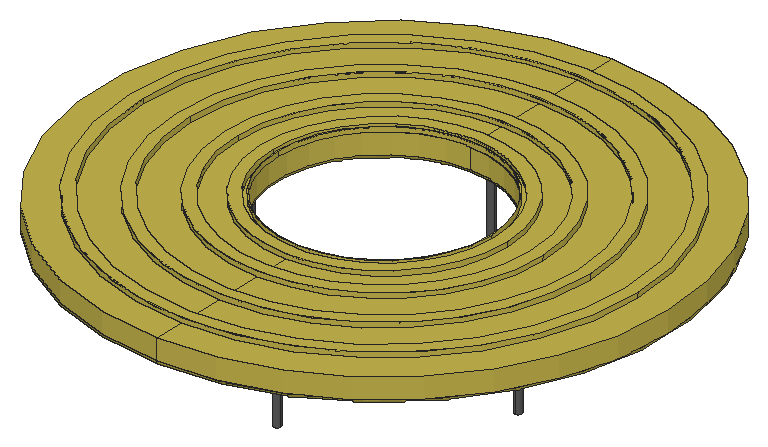
Revit family "Haworth_BuzziDonut", category Furniture, host Face, Revit 2018 (continued)
Definition of nested family "Haworth_BuzziDonut_Screen_Small_PART"
  Automatic sketch dimensions
    Extrusion 7 sketch curve to Extrusion 7 sketch curve = 0.16987"
    Extrusion 7 sketch curve to Extrusion 7 sketch curve = 1.11065"
    Extrusion 7 sketch curve to Extrusion 7 sketch curve = 0.12778"
    plane 10 "Cable Back" to Extrusion 7 sketch curve = 0.7639"
    Extrusion 7 sketch curve to Extrusion 7 sketch curve = 4.24723"
    Extrusion 7 sketch curve to Extrusion 7 sketch curve = 1.9714"
    Extrusion 7 sketch curve to Extrusion 7 sketch curve = 0.06407"
    Extrusion 7 sketch curve to plane 1 "Center (Front/Back)" = 2.91228"
    Extrusion 7 sketch curve to Extrusion 7 sketch curve = 1.04082"
    plane 8 "Inside Back" to Extrusion 7 sketch curve = 0.464"
    Extrusion 7 sketch curve to Extrusion 7 sketch curve = 0.49808"
    Extrusion 7 sketch curve to plane 8 "Inside Back" = 0.53887"
    Extrusion 7 sketch curve to Extrusion 7 sketch curve = 0.19104"
    plane 10 "Cable Back" to Extrusion 7 sketch curve = 1.4083"
    Extrusion 7 sketch curve to Extrusion 7 sketch curve = 0.95201"
    Extrusion 7 sketch curve to plane 9 "Inside Front" = 3.64609"
    Extrusion 7 sketch curve to Extrusion 7 sketch curve = 0.99005"
    plane 10 "Cable Back" to Extrusion 7 sketch curve = 0.25651"
    Extrusion 7 sketch curve to Extrusion 7 sketch curve = 0.14626"
    Extrusion 7 sketch curve to Extrusion 7 sketch curve = 0.90801"
    plane 8 "Inside Back" to Extrusion 7 sketch curve = 0.16562"
    Extrusion 7 sketch curve to Extrusion 7 sketch curve = 0.93819"
    Extrusion 7 sketch curve to plane 9 "Inside Front" = 3.58943"
    Extrusion 7 sketch curve to Extrusion 7 sketch curve = 0.60326"
    Extrusion 7 sketch curve to plane 8 "Inside Back" = 2.41146"
    Extrusion 7 sketch curve to Extrusion 7 sketch curve = 0.34454"
    plane 10 "Cable Back" to Extrusion 7 sketch curve = 1.06518"
    Extrusion 7 sketch curve to Extrusion 7 sketch curve = 0.74269"
    plane 9 "Inside Front" to Extrusion 7 sketch curve = 2.67775"
    Extrusion 7 sketch curve to Extrusion 7 sketch curve = 2.22804"
    Extrusion 7 sketch curve to plane 4 "Front" = 2.59258"
    Extrusion 7 sketch curve to Extrusion 7 sketch curve = 0.27141"
    Extrusion 7 sketch curve to Extrusion 7 sketch curve = 0.2811"
    plane 10 "Cable Back" to Extrusion 7 sketch curve = 0.16729"
    Extrusion 7 sketch curve to Extrusion 7 sketch curve = 0.40322"
    Extrusion 7 sketch curve to plane 8 "Inside Back" = 1.71255"
    Extrusion 7 sketch curve to Extrusion 7 sketch curve = 0.74996"
    plane 9 "Inside Front" to Extrusion 7 sketch curve = 2.43626"
    Extrusion 7 sketch curve to Extrusion 7 sketch curve = 0.95751"
    Extrusion 7 sketch curve to plane 4 "Front" = 2.09174"
    Extrusion 7 sketch curve to Extrusion 7 sketch curve = 1.0819"
    Extrusion 7 sketch curve to plane 5 "Back" = 2.04874"
    plane 10 "Cable Back" to Extrusion 7 sketch curve = 1.91265"
    Extrusion 7 sketch curve to Extrusion 7 sketch curve = 0.31494"
    Extrusion 7 sketch curve to plane 5 "Back" = 1.71507"
    Extrusion 7 sketch curve to Extrusion 7 sketch curve = 0.93023"
    plane 10 "Cable Back" to Extrusion 7 sketch curve = 1.15162"
    Extrusion 7 sketch curve to Extrusion 7 sketch curve = 0.71307"
    Extrusion 7 sketch curve to Extrusion 7 sketch curve = 0.38382"
    plane 9 "Inside Front" to Extrusion 7 sketch curve = 1.03846"
    Extrusion 7 sketch curve to Extrusion 7 sketch curve = 2.34744"
    Extrusion 7 sketch curve to plane 8 "Inside Back" = 0.58396"
    Extrusion 7 sketch curve to Extrusion 7 sketch curve = 2.70638"
    Extrusion 7 sketch curve to plane 9 "Inside Front" = 0.5245"
    Extrusion 7 sketch curve to Extrusion 7 sketch curve = 0.70103"
    plane 9 "Inside Front" to Extrusion 7 sketch curve = 0.52946"
    Extrusion 7 sketch curve to Extrusion 7 sketch curve = 0.85481"
    Extrusion 7 sketch curve to plane 8 "Inside Back" = 0.30383"
    Extrusion 7 sketch curve to Extrusion 7 sketch curve = 1.36997"
    Extrusion 7 sketch curve to plane 4 "Front" = 1.06341"
    Extrusion 7 sketch curve to plane 9 "Inside Front" = 0.16214"
    Extrusion 7 sketch curve to Extrusion 7 sketch curve = 1.16146"
    plane 10 "Cable Back" to Extrusion 7 sketch curve = 0.54033"
    Extrusion 7 sketch curve to plane 3 "Center (Left/Right)" = 1.40753"
    Extrusion 7 sketch curve to Extrusion 7 sketch curve = 0.38731"
    Extrusion 7 sketch curve to plane 3 "Center (Left/Right)" = 0.98242"
    Extrusion 7 sketch curve to plane 3 "Center (Left/Right)" = 0.77803"
    Extrusion 7 sketch curve to plane 3 "Center (Left/Right)" = 0.64357"
    Extrusion 7 sketch curve to plane 3 "Center (Left/Right)" = 0.35121"
    Extrusion 7 sketch curve to plane 3 "Center (Left/Right)" = 0.15448"
    Extrusion 7 sketch curve to plane 3 "Center (Left/Right)" = 0.10567"
    Extrusion 7 sketch curve to plane 3 "Center (Left/Right)" = 0.04803"
    plane 3 "Center (Left/Right)" to Extrusion 7 sketch curve = 0.21459"
    Extrusion 7 sketch curve to plane 9 "Inside Front" = 0.10015"
    plane 3 "Center (Left/Right)" to Extrusion 7 sketch curve = 1.32788"
    plane 3 "Center (Left/Right)" to Extrusion 7 sketch curve = 2.22161"
    Extrusion 7 sketch curve to plane 4 "Front" = 1.15667"
    Extrusion 7 sketch curve to Extrusion 7 sketch curve = 0.14593"
    Extrusion 7 sketch curve to Extrusion 7 sketch curve = 0.27982"
    plane 3 "Center (Left/Right)" to Extrusion 7 sketch curve = 2.74049"
    Extrusion 7 sketch curve to plane 9 "Inside Front" = 0.51106"
    Extrusion 7 sketch curve to Extrusion 7 sketch curve = 0.95714"
    Extrusion 7 sketch curve to plane 4 "Front" = 1.34693"
    Extrusion 7 sketch curve to Extrusion 7 sketch curve = 0.15448"
    Extrusion 7 sketch curve to plane 10 "Cable Back" = 0.19467"
    plane 3 "Center (Left/Right)" to Extrusion 7 sketch curve = 3.92782"
    plane 10 "Cable Back" to Extrusion 7 sketch curve = 0.78999"
    Extrusion 7 sketch curve to Extrusion 7 sketch curve = 0.05922"
    Extrusion 7 sketch curve to plane 8 "Inside Back" = 1.44762"
    Extrusion 7 sketch curve to Extrusion 7 sketch curve = 0.88838"
    plane 10 "Cable Back" to Extrusion 7 sketch curve = 0.26245"
    Extrusion 7 sketch curve to Extrusion 7 sketch curve = 0.86714"
    plane 9 "Inside Front" to Extrusion 7 sketch curve = 2.44554"
    Extrusion 7 sketch curve to Extrusion 7 sketch curve = 2.41791"
    Extrusion 7 sketch curve to Extrusion 7 sketch curve = 0.30593"
    plane 9 "Inside Front" to Extrusion 7 sketch curve = 1.47927"
    Extrusion 7 sketch curve to Extrusion 7 sketch curve = 0.39853"
    plane 8 "Inside Back" to Extrusion 7 sketch curve = 0.30711"
    Extrusion 7 sketch curve to Extrusion 7 sketch curve = 0.79613"
    Extrusion 7 sketch curve to plane 8 "Inside Back" = 2.04154"
    Extrusion 7 sketch curve to Extrusion 7 sketch curve = 0.81136"
    Extrusion 7 sketch curve to plane 5 "Back" = 2.15606"
    Extrusion 7 sketch curve to Extrusion 7 sketch curve = 0.85388"
    plane 9 "Inside Front" to Extrusion 7 sketch curve = 2.68118"
    Extrusion 7 sketch curve to Extrusion 7 sketch curve = 0.66156"
    plane 9 "Inside Front" to Extrusion 7 sketch curve = 0.68912"
    Extrusion 7 sketch curve to Extrusion 7 sketch curve = 0.67805"
    Extrusion 7 sketch curve to plane 4 "Front" = 2.33724"
    plane 9 "Inside Front" to Extrusion 7 sketch curve = 1.62115"
    Extrusion 7 sketch curve to Extrusion 7 sketch curve = 0.32811"
    Extrusion 7 sketch curve to plane 8 "Inside Back" = 0.22471"
    Extrusion 7 sketch curve to Extrusion 7 sketch curve = 0.83953"
    plane 8 "Inside Back" to Extrusion 7 sketch curve = 0.82516"
    Extrusion 7 sketch curve to Extrusion 7 sketch curve = 0.86765"
    plane 10 "Cable Back" to Extrusion 7 sketch curve = 2.04281"
    Extrusion 7 sketch curve to Extrusion 7 sketch curve = 0.95493"
    Extrusion 7 sketch curve to plane 9 "Inside Front" = 3.42994"
    Extrusion 7 sketch curve to Extrusion 7 sketch curve = 1.00245"
    Extrusion 7 sketch curve to plane 4 "Front" = 2.79611"
    Extrusion 7 sketch curve to Extrusion 7 sketch curve = 0.9058"
    Extrusion 7 sketch curve to plane 9 "Inside Front" = 4.24021"
    plane 9 "Inside Front" to Extrusion 7 sketch curve = 0.09059"
    Extrusion 7 sketch curve to Extrusion 7 sketch curve = 2.34242"
    plane 9 "Inside Front" to Extrusion 7 sketch curve = 1.01794"
    Extrusion 7 sketch curve to Extrusion 7 sketch curve = 0.34646"
    Extrusion 7 sketch curve to plane 1 "Center (Front/Back)" = 1.57158"
    Extrusion 7 sketch curve to Extrusion 7 sketch curve = 3.08787"
    Extrusion 7 sketch curve to plane 9 "Inside Front" = 3.43423"
    Extrusion 7 sketch curve to Extrusion 7 sketch curve = 0.43446"
    Extrusion 7 sketch curve to plane 1 "Center (Front/Back)" = 0.59395"
    Extrusion 7 sketch curve to plane 9 "Inside Front" = 0.08184"
    Extrusion 7 sketch curve to Extrusion 7 sketch curve = 0.98425"  (x2)
    plane 9 "Inside Front" to Extrusion 7 sketch curve = 2.15503"
    plane 9 "Inside Front" to Extrusion 7 sketch curve = 0.83888"
    Extrusion 7 sketch curve to Extrusion 7 sketch curve = 0.58886"
    plane 9 "Inside Front" to Extrusion 7 sketch curve = 1.47363"
    Extrusion 7 sketch curve to Extrusion 7 sketch curve = 0.6515"
    plane 9 "Inside Front" to Extrusion 7 sketch curve = 0.67386"
    Extrusion 7 sketch curve to plane 1 "Center (Front/Back)" = 0.81398"
    Extrusion 7 sketch curve to Extrusion 7 sketch curve = 2.67107"
    Extrusion 7 sketch curve to plane 1 "Center (Front/Back)" = 1.80963"
    Extrusion 7 sketch curve to Extrusion 7 sketch curve = 0.09799"
    Extrusion 7 sketch curve to plane 8 "Inside Back" = 1.36213"
    Extrusion 7 sketch curve to plane 6 "Left" = 3.84358"
    Extrusion 7 sketch curve to plane 9 "Inside Front" = 0.41762"
    Extrusion 7 sketch curve to Extrusion 7 sketch curve = 0.83594"
    Extrusion 7 sketch curve to Extrusion 7 sketch curve = 0.22661"
    Extrusion 7 sketch curve to plane 1 "Center (Front/Back)" = 1.20746"
    Extrusion 7 sketch curve to Extrusion 7 sketch curve = 0.90247"
    Extrusion 7 sketch curve to Extrusion 7 sketch curve = 1.15257"
    Extrusion 7 sketch curve to Extrusion 7 sketch curve = 0.63068"
    Extrusion 7 sketch curve to Extrusion 7 sketch curve = 0.98938"
    Extrusion 7 sketch curve to plane 6 "Left" = 1.74601"
    Extrusion 7 sketch curve to Extrusion 7 sketch curve = 0.17396"
    Extrusion 7 sketch curve to plane 6 "Left" = 1.352"
    Extrusion 7 sketch curve to Extrusion 7 sketch curve = 0.26878"
    Extrusion 7 sketch curve to Extrusion 7 sketch curve = 0.20314"
    Extrusion 7 sketch curve to Extrusion 7 sketch curve = 0.75317"
    Extrusion 7 sketch curve to Extrusion 7 sketch curve = 1.07929"
    Extrusion 7 sketch curve to Extrusion 7 sketch curve = 0.79732"
    Extrusion 7 sketch curve to Extrusion 7 sketch curve = 0.44738"
    Extrusion 7 sketch curve to Extrusion 7 sketch curve = 0.73396"
    Extrusion 7 sketch curve to Extrusion 7 sketch curve = 0.542"
    Extrusion 7 sketch curve to Extrusion 7 sketch curve = 0.7389"
    Extrusion 7 sketch curve to Extrusion 7 sketch curve = 0.89289"
    Extrusion 7 sketch curve to Extrusion 7 sketch curve = 0.05541"
    Extrusion 7 sketch curve to Extrusion 7 sketch curve = 0.22628"
    Extrusion 7 sketch curve to Extrusion 7 sketch curve = 1.01145"
    Extrusion 7 sketch curve to Extrusion 7 sketch curve = 0.16928"
    Extrusion 7 sketch curve to Extrusion 7 sketch curve = 0.96206"
    Extrusion 7 sketch curve to Extrusion 7 sketch curve = 0.82376"
    Extrusion 7 sketch curve to Extrusion 7 sketch curve = 0.14981"
    Extrusion 7 sketch curve to Extrusion 7 sketch curve = 0.85085"
    Extrusion 7 sketch curve to Extrusion 7 sketch curve = 1.08513"
    Extrusion 7 sketch curve to Extrusion 7 sketch curve = 0.75929"
    Extrusion 7 sketch curve to Extrusion 7 sketch curve = 0.20633"
    Extrusion 7 sketch curve to Extrusion 7 sketch curve = 0.30772"
    Extrusion 7 sketch curve to Extrusion 7 sketch curve = 0.78432"
    Extrusion 7 sketch curve to Extrusion 7 sketch curve = 1.07699"
    Extrusion 7 sketch curve to Extrusion 7 sketch curve = 0.87739"
    Extrusion 7 sketch curve to Extrusion 7 sketch curve = 1.15255"
    plane 10 "Cable Back" to Extrusion 7 sketch curve = 0.35024"
    Extrusion 7 sketch curve to Extrusion 7 sketch curve = 0.95359"
    Extrusion 7 sketch curve to Extrusion 7 sketch curve = 0.16223"
    Extrusion 7 sketch curve to Extrusion 7 sketch curve = 0.82703"
    Extrusion 8 sketch curve to Extrusion 8 sketch curve = 0.000"  (x50)
    Extrusion 8 sketch curve to plane 7 "Right" = 1.29755"
    Extrusion 8 sketch curve to Extrusion 8 sketch curve = 0.15933"
    Extrusion 8 sketch curve to plane 8 "Inside Back" = 0.25028"
    Extrusion 8 sketch curve to Extrusion 8 sketch curve = 1.09949"
    Extrusion 8 sketch curve to plane 8 "Inside Back" = 0.00735"
    Extrusion 8 sketch curve to Extrusion 8 sketch curve = 0.16235"
    Extrusion 8 sketch curve to plane 10 "Cable Back" = 0.84384"
    Extrusion 8 sketch curve to Extrusion 8 sketch curve = 1.08547"
    Extrusion 8 sketch curve to Extrusion 8 sketch curve = 0.16851"
    plane 10 "Cable Back" to Extrusion 8 sketch curve = 0.49131"
    Extrusion 8 sketch curve to Extrusion 8 sketch curve = 1.12703"
    Extrusion 8 sketch curve to Extrusion 8 sketch curve = 0.18742"
    Extrusion 8 sketch curve to Extrusion 8 sketch curve = 1.01862"
    Extrusion 8 sketch curve to Extrusion 8 sketch curve = 0.24211"  (x2)
    plane 1 "Center (Front/Back)" to Extrusion 8 sketch curve = 3.36685"
    Extrusion 8 sketch curve to Extrusion 8 sketch curve = 6.24723"
    Extrusion 8 sketch curve to plane 1 "Center (Front/Back)" = 3.34495"
    Extrusion 8 sketch curve to Extrusion 8 sketch curve = 0.26234"  (x32)
    Extrusion 8 sketch curve to Extrusion 8 sketch curve = 0.9969"  (x25)
    Extrusion 8 sketch curve to Extrusion 8 sketch curve = 1.01714"
    Extrusion 8 sketch curve to plane 4 "Front" = 0.32055"
    Extrusion 8 sketch curve to plane 8 "Inside Back" = 0.61154"
    Extrusion 8 sketch curve to plane 4 "Front" = 0.11524"
    Extrusion 8 sketch curve to plane 5 "Back" = 0.12769"
    Extrusion 8 sketch curve to plane 4 "Front" = 0.08555"
    Extrusion 8 sketch curve to plane 8 "Inside Back" = 0.07232"
    Extrusion 8 sketch curve to Extrusion 8 sketch curve = 0.73456"
    Extrusion 8 sketch curve to plane 9 "Inside Front" = 0.00899"
    Extrusion 8 sketch curve to plane 3 "Center (Left/Right)" = 0.64975"
    Extrusion 8 sketch curve to plane 8 "Inside Back" = 0.04913"
    Extrusion 8 sketch curve to plane 9 "Inside Front" = 0.00497"
    plane 1 "Center (Front/Back)" to Extrusion 8 sketch curve = 0.00868"
    Extrusion 8 sketch curve to plane 3 "Center (Left/Right)" = 0.03883"
    Extrusion 8 sketch curve to Extrusion 8 sketch curve = 0.0153"
    Extrusion 8 sketch curve to Extrusion 8 sketch curve = 0.00379"  (x2)
    plane 1 "Center (Front/Back)" to Extrusion 8 sketch curve = 0.00269"
    Extrusion 8 sketch curve to Extrusion 8 sketch curve = 0.00163"
    Extrusion 8 sketch curve to Extrusion 8 sketch curve = 0.00228"
    Extrusion 8 sketch curve to Extrusion 8 sketch curve = 0.00091"
    Extrusion 8 sketch curve to Extrusion 8 sketch curve = 0.00175"
    Extrusion 8 sketch curve to Extrusion 8 sketch curve = 0.00098"
    Extrusion 8 sketch curve to Extrusion 8 sketch curve = 0.00093"
    Extrusion 8 sketch curve to Extrusion 8 sketch curve = 0.00079"
    Extrusion 8 sketch curve to Extrusion 8 sketch curve = 0.00057"  (x2)
    Extrusion 8 sketch curve to Extrusion 8 sketch curve = 0.00051"
    Extrusion 8 sketch curve to Extrusion 8 sketch curve = 0.00071"
    Extrusion 8 sketch curve to Extrusion 8 sketch curve = 0.00064"
    Extrusion 8 sketch curve to Extrusion 8 sketch curve = 0.00065"
    Extrusion 8 sketch curve to Extrusion 8 sketch curve = 0.00048"  (x2)
    Extrusion 8 sketch curve to Extrusion 8 sketch curve = 0.00006"  (x2)
    Extrusion 8 sketch curve to Extrusion 8 sketch curve = 0.00037"
    Extrusion 8 sketch curve to Extrusion 8 sketch curve = 0.00041"  (x2)
    Extrusion 8 sketch curve to Extrusion 8 sketch curve = 0.00036"
    Extrusion 8 sketch curve to Extrusion 8 sketch curve = 0.00034"  (x2)
    Extrusion 8 sketch curve to Extrusion 8 sketch curve = 0.00176"
    Extrusion 8 sketch curve to Extrusion 8 sketch curve = 0.00027"  (x2)
    Extrusion 8 sketch curve to Extrusion 8 sketch curve = 0.00023"
    Extrusion 8 sketch curve to Extrusion 8 sketch curve = 0.00014"
    Extrusion 8 sketch curve to Extrusion 8 sketch curve = 0.00003"  (x3)
    Extrusion 8 sketch curve to Extrusion 8 sketch curve = 0.00002"
    Extrusion 8 sketch curve to Extrusion 8 sketch curve = 0.00001"  (x4)
    Extrusion 8 sketch curve to Extrusion 8 sketch curve = 0.00021"  (x2)
    Extrusion 8 sketch curve to Extrusion 8 sketch curve = 0.00004"  (x3)
    Extrusion 8 sketch curve to Extrusion 8 sketch curve = 0.00005"  (x3)
    Extrusion 8 sketch curve to Extrusion 8 sketch curve = 0.00016"  (x2)
    Extrusion 8 sketch curve to Extrusion 8 sketch curve = 0.00011"
    Extrusion 8 sketch curve to Extrusion 8 sketch curve = 0.00018"
    Extrusion 8 sketch curve to plane 3 "Center (Left/Right)" = 0.00296"
    Extrusion 8 sketch curve to plane 3 "Center (Left/Right)" = 0.00212"
    plane 3 "Center (Left/Right)" to Extrusion 8 sketch curve = 0.01571"
    plane 3 "Center (Left/Right)" to Extrusion 8 sketch curve = 0.01647"
    Extrusion 8 sketch curve to Extrusion 8 sketch curve = 0.0129"
    plane 3 "Center (Left/Right)" to Extrusion 8 sketch curve = 0.47709"
    Extrusion 8 sketch curve to plane 5 "Back" = 0.02516"
    plane 3 "Center (Left/Right)" to Extrusion 8 sketch curve = 0.60949"  (x2)
    Extrusion 8 sketch curve to plane 4 "Front" = 0.01211"
    Extrusion 8 sketch curve to plane 4 "Front" = 0.0246"
    Extrusion 8 sketch curve to plane 5 "Back" = 0.03771"
    Extrusion 8 sketch curve to plane 9 "Inside Front" = 0.20664"
    Extrusion 8 sketch curve to plane 5 "Back" = 0.12554"
    Extrusion 8 sketch curve to plane 4 "Front" = 0.14599"
    Extrusion 8 sketch curve to plane 5 "Back" = 0.15932"
    Extrusion 8 sketch curve to plane 4 "Front" = 0.3155"
    Extrusion 8 sketch curve to plane 8 "Inside Back" = 0.59782"
    Extrusion 8 sketch curve to plane 5 "Back" = 0.63962"
    plane 10 "Cable Back" to Extrusion 8 sketch curve = 0.43856"
    plane 10 "Cable Back" to Extrusion 8 sketch curve = 0.19017"
    Extrusion 8 sketch curve to plane 8 "Inside Back" = 0.30347"
    Extrusion 8 sketch curve to plane 6 "Left" = 1.28881"
    Extrusion 8 sketch curve to Extrusion 8 sketch curve = 0.00753"
    Extrusion 8 sketch curve to Extrusion 8 sketch curve = 0.00852"
    Extrusion 8 sketch curve to Extrusion 8 sketch curve = 0.03374"
    Extrusion 8 sketch curve to Extrusion 8 sketch curve = 0.05145"
    Extrusion 8 sketch curve to Extrusion 8 sketch curve = 0.05566"
    Extrusion 8 sketch curve to Extrusion 8 sketch curve = 0.23839"
    Extrusion 8 sketch curve to Extrusion 8 sketch curve = 0.25485"
    Extrusion 8 sketch curve to Extrusion 8 sketch curve = 0.07429"
    Extrusion 8 sketch curve to Extrusion 8 sketch curve = 0.07876"
    Extrusion 8 sketch curve to Extrusion 8 sketch curve = 0.32809"
    Extrusion 8 sketch curve to Extrusion 8 sketch curve = 0.34581"
    Extrusion 8 sketch curve to Extrusion 8 sketch curve = 0.0988"
    Extrusion 8 sketch curve to Extrusion 8 sketch curve = 0.10368"
    Extrusion 8 sketch curve to Extrusion 8 sketch curve = 0.4256"
    Extrusion 8 sketch curve to Extrusion 8 sketch curve = 0.44522"
    Extrusion 8 sketch curve to Extrusion 8 sketch curve = 0.1258"
    Extrusion 8 sketch curve to Extrusion 8 sketch curve = 0.1313"
    Extrusion 8 sketch curve to Extrusion 8 sketch curve = 0.54643"
    Extrusion 8 sketch curve to Extrusion 8 sketch curve = 0.55714"
    Extrusion 8 sketch curve to Extrusion 8 sketch curve = 0.1446"
    Extrusion 8 sketch curve to Extrusion 8 sketch curve = 0.16292"  (x2)
    Extrusion 8 sketch curve to Extrusion 8 sketch curve = 0.66042"
    Extrusion 8 sketch curve to Extrusion 8 sketch curve = 0.68791"
    Extrusion 8 sketch curve to Extrusion 8 sketch curve = 0.1775"
    Extrusion 8 sketch curve to Extrusion 8 sketch curve = 0.20067"
    Extrusion 8 sketch curve to Extrusion 8 sketch curve = 0.18072"
    Extrusion 8 sketch curve to Extrusion 8 sketch curve = 0.84835"
    Extrusion 8 sketch curve to Extrusion 8 sketch curve = 0.24841"
    Extrusion 8 sketch curve to Extrusion 8 sketch curve = 1.15482"
    Extrusion 8 sketch curve to Extrusion 8 sketch curve = 0.17528"
    Extrusion 8 sketch curve to Extrusion 8 sketch curve = 1.05949"
    Extrusion 8 sketch curve to Extrusion 8 sketch curve = 0.31416"
    Extrusion 8 sketch curve to Extrusion 8 sketch curve = 0.0132"
    Extrusion 8 sketch curve to plane 9 "Inside Front" = 0.01966"
    Extrusion 8 sketch curve to Extrusion 8 sketch curve = 0.03161"
    Extrusion 8 sketch curve to Extrusion 8 sketch curve = 0.15097"
    Extrusion 8 sketch curve to plane 9 "Inside Front" = 0.21452"
    Extrusion 8 sketch curve to plane 9 "Inside Front" = 0.25623"
    Extrusion 8 sketch curve to plane 9 "Inside Front" = 0.26762"
    Extrusion 8 sketch curve to Extrusion 8 sketch curve = 1.37041"
    Extrusion 8 sketch curve to Extrusion 8 sketch curve = 0.09586"  (x2)
    Extrusion 8 sketch curve to Extrusion 8 sketch curve = 0.10409"
    Extrusion 8 sketch curve to Extrusion 8 sketch curve = 0.41903"
    Extrusion 8 sketch curve to Extrusion 8 sketch curve = 0.14574"
    Extrusion 8 sketch curve to Extrusion 8 sketch curve = 0.15604"  (x2)
    Extrusion 8 sketch curve to Extrusion 8 sketch curve = 0.21173"  (x2)
    Extrusion 8 sketch curve to Extrusion 8 sketch curve = 0.21058"
    Extrusion 8 sketch curve to Extrusion 8 sketch curve = 2.01318"
    Extrusion 8 sketch curve to Extrusion 8 sketch curve = 0.32983"
    Extrusion 8 sketch curve to Extrusion 8 sketch curve = 1.94183"
    Extrusion 8 sketch curve to Extrusion 8 sketch curve = 0.65174"  (x2)
    Extrusion 8 sketch curve to Extrusion 8 sketch curve = 0.28625"
    Extrusion 8 sketch curve to Extrusion 8 sketch curve = 0.34434"  (x2)
    Extrusion 8 sketch curve to Extrusion 8 sketch curve = 0.71128"  (x2)
    Extrusion 8 sketch curve to Extrusion 8 sketch curve = 0.0078"
    Extrusion 8 sketch curve to Extrusion 8 sketch curve = 0.00143"
    Extrusion 8 sketch curve to Extrusion 8 sketch curve = 0.00116"
    Extrusion 8 sketch curve to Extrusion 8 sketch curve = 0.00087"
    Extrusion 8 sketch curve to Extrusion 8 sketch curve = 0.00062"
    Extrusion 8 sketch curve to Extrusion 8 sketch curve = 0.00032"
    Extrusion 8 sketch curve to Extrusion 8 sketch curve = 0.00029"
    Extrusion 8 sketch curve to Extrusion 8 sketch curve = 0.00126"
    Extrusion 8 sketch curve to Extrusion 8 sketch curve = 0.00007"  (x2)
    Extrusion 8 sketch curve to Extrusion 8 sketch curve = 0.00009"
    Extrusion 8 sketch curve to Extrusion 8 sketch curve = 0.0002"
    Extrusion 8 sketch curve to Extrusion 8 sketch curve = 0.0001"  (x2)
    Extrusion 8 sketch curve to Extrusion 8 sketch curve = 0.00012"
    Extrusion 8 sketch curve to Extrusion 8 sketch curve = 0.58042"
    Extrusion 8 sketch curve to Extrusion 8 sketch curve = 0.28926"
    Extrusion 8 sketch curve to Extrusion 8 sketch curve = 0.21359"
    Extrusion 8 sketch curve to plane 8 "Inside Back" = 0.22553"
    Extrusion 8 sketch curve to Extrusion 8 sketch curve = 0.16889"
    Extrusion 8 sketch curve to Extrusion 8 sketch curve = 0.20066"
    Extrusion 8 sketch curve to Extrusion 8 sketch curve = 0.17744"
    Extrusion 8 sketch curve to Extrusion 8 sketch curve = 0.15632"
    Extrusion 8 sketch curve to Extrusion 8 sketch curve = 0.13131"
    Extrusion 8 sketch curve to Extrusion 8 sketch curve = 0.12564"
    Extrusion 8 sketch curve to Extrusion 8 sketch curve = 0.1037"
    Extrusion 8 sketch curve to Extrusion 8 sketch curve = 0.09867"
    Extrusion 8 sketch curve to Extrusion 8 sketch curve = 0.07418"
    Extrusion 8 sketch curve to plane 5 "Back" = 0.09807"
    Extrusion 9 sketch curve to Extrusion 9 sketch curve = 0.000"  (x4)
    Extrusion 9 sketch curve to plane 6 "Left" = 15.750"
    Extrusion 9 sketch curve to Extrusion 9 sketch curve = 0.01789"
    Extrusion 9 sketch curve to Extrusion 9 sketch curve = 0.01897"
    plane 1 "Center (Front/Back)" to Extrusion 9 sketch curve = 0.000"
    Masking region 2 sketch curve to plane 7 "Right" = 0.250"
    Masking region 2 sketch curve to plane 6 "Left" = 0.250"
    plane 14 "Cable Control" to Masking region 3 sketch curve = 0.150"  (x2)
    radius of Extrusion 1 sketch curve = 0.300"
    radius of Extrusion 4 sketch curve = 0.300"
    radius of Extrusion 5 sketch curve = 0.300"
    radius of Extrusion 6 sketch curve = 0.300"
    radius of Extrusion 7 sketch curve = 15.74803"
    radius of Extrusion 9 sketch curve = 12.20472"
    radius of Extrusion 9 sketch curve = 10.23622"
    radius of Extrusion 9 sketch curve = 8.85827"
    radius of Extrusion 9 sketch curve = 13.18898"
Types (4): name | Small | Medium | Large | Description | Actual Width | Actual Depth
  (no name) | no | no | yes | "Haworth BuzziDonut Large" | 47.240" | 47.240"
  HCBZ-DNS3 - Large | no | no | yes | "Haworth BuzziDonut Large" | 47.240" | 47.240"
  HCBZ-DNS2 - Medium | no | yes | no | "Haworth BuzziDonut Medium" | 39.370" | 39.370"
  HCBZ-DNS1 - Small | yes | no | no | "Haworth BuzziDonut Small" | 31.500" | 31.500"
